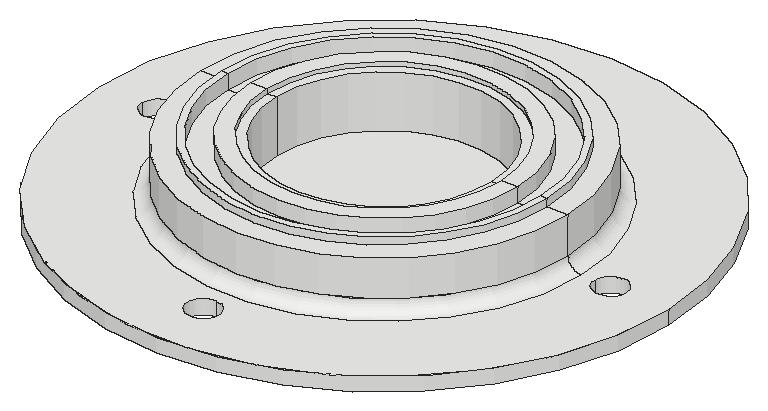
Revit family "02411-G01 (Rev A), Assembly, Takeoff, Flat Duct, Twist-Fit, 2in", category Duct Accessories, Revit 2020
Family settings
  Round Connector Dimension = Use Diameter
  Part Type = Attaches To
  OmniClass Number = 23.75.70.00
  OmniClass Title = HVAC Distribution Devices
  Work Plane-Based = Yes
  Always vertical = No
  Cut with Voids When Loaded = No
  Shared = No
Parameters (values of type "UPC-28TF-1")
  Warranty URL = "https://www.unicosystem.com/wp-content/uploads/2022/08/Bulletin-10-010.pdf"
  Video Link = "https://www.youtube.com/watch?v=aUAUzyZZRxY&themeRefresh=1"
  Version = "2020 - v1.0a"  # constant formula
  URL = "https://www.unicosystem.com/"
  Product Page URL = "https://shop.unicosystem.com/take-off-2dia-x-flat-metal-duct-tfs-1bx?srsltid=AfmBOoqqVSJmdxuzWo797dCSEEKCr1YxCPEw9B0SmKWaor6runL6Q_Ft"
  Product Documentation Link = ""
  Performance URL = "https://www.unicosystem.com/literature-media/"
  Model = "UPC-28TF-1"  # constant formula
  Manufacturer Phone Number = "314-481-9000"  # constant formula
  Manufacturer Fax Number = "314-457-9000"  # constant formula
  Manufacturer Email = "https://www.unicosystem.com/customer-%20support/"
  Manufacturer Address = "1120 Intagliata Drive Arnold, MO 63010"  # constant formula
  Manufacturer = "Unico, Inc."  # constant formula
  Keynote = "23 30 00"
  Finish = Paint - Unico - White
  Diameter = 5"  # constant formula
  Description = "1 TAKE-OFF, 2 DIA X FLAT METAL DUCT, TFS"  # constant formula
  Default Elevation = 48"
  Copyright = "© 2025 The Unico System. All rights reserved."  # constant formula
  Assembly Code = "D3040100"
Reference planes (in)
  plane 1 "Center (Front/Back)": y = 0
  plane 2: z = 0
  plane 3 "Center (Left/Right)": x = 0
  plane 4: z = -0.82989
Forms (in)
  Revolve 1, solid, material "Paint - Unico - White" <- "Finish"
    sketch origin (0, 0, -0.88281) x (1, 0, 0) y (0, 0, 1)
      loop
        arc (-1.62474, 0.33611) -> (-1.65859, 0.25439) -> (-1.7403, 0.22055) r 0.11556
        line (-1.7403, 0.22055) -> (-0.9509, 0.22055) -> (-0.9509, 0.6846) -> (-1.03442, 0.6846) -> (-1.03442, 0.71992) -> (-1.17831, 0.71992) -> (-1.17831, 0.59246) -> (-1.38459, 0.59246) -> (-1.38459, 0.71992) -> (-1.43891, 0.71992) -> (-1.43891, 0.65746) -> (-1.62474, 0.65746) -> (-1.62474, 0.33611)
      axis (0, 0.71992) -> (0, 0.22055)
    angle from 0 to 360
  Extrusion 2, solid, material "Paint - Unico - White" <- "Finish"
    sketch origin (0, 0, 0) x (1, 0, 0) y (0, 1, 0)
      loop
        circle (0, 0) r 2.51554
      loop
        circle (-2.00032, 0) r 0.14206
      loop
        circle (2.00032, 0) r 0.14206
      loop
        circle (0, -2.00032) r 0.14206
      loop
        circle (0, 2.00032) r 0.14206
    from -0.78727 to -0.66227
Dimensions and locks (in)
  aligned and locked: plane 2 to level
